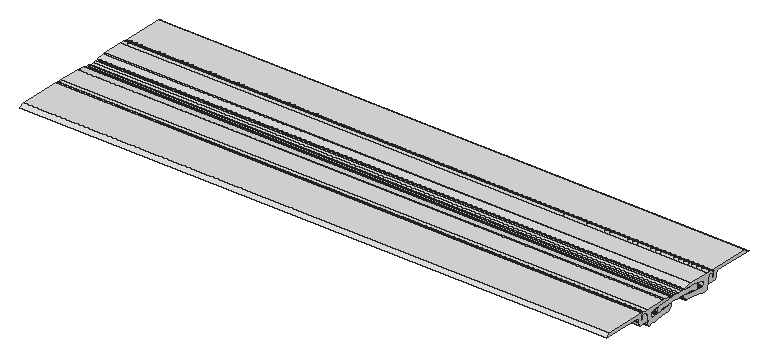
Revit family "Construction-Floors-Conecto-Aluminium Joints ALU AL.165.30", category Specialty Equipment, Revit 2015 (continued)
Definition of nested family "Standard"
  Automatic sketch dimensions
    Extrusion 11 sketch curve to Extrusion 11 sketch curve = 2.078 mm
    plane 5 to Extrusion 11 sketch curve = 16.425 mm
    Extrusion 11 sketch curve to Extrusion 11 sketch curve = 0.009 mm
    Extrusion 11 sketch curve to Extrusion 11 sketch curve = 0.041 mm
    Extrusion 11 sketch curve to Extrusion 11 sketch curve = 0.911 mm  (x2)
    Extrusion 11 sketch curve to Extrusion 11 sketch curve = 2.3 mm
    Extrusion 11 sketch curve to Extrusion 11 sketch curve = 2.339 mm
    Extrusion 11 sketch curve to Extrusion 11 sketch curve = 0.027 mm
    Extrusion 11 sketch curve to Extrusion 11 sketch curve = 0.499 mm
    Extrusion 11 sketch curve to Extrusion 11 sketch curve = 0.837 mm
    Extrusion 11 sketch curve to Extrusion 11 sketch curve = 0.786 mm  (x2)
    Extrusion 11 sketch curve to Extrusion 11 sketch curve = 0.774 mm  (x2)
    Extrusion 11 sketch curve to Extrusion 11 sketch curve = 0.425 mm
    Extrusion 11 sketch curve to Extrusion 11 sketch curve = 0.097 mm
    Extrusion 11 sketch curve to Extrusion 11 sketch curve = 0.246 mm
    Extrusion 11 sketch curve to Extrusion 11 sketch curve = 0.831 mm
    Extrusion 11 sketch curve to Extrusion 11 sketch curve = 0.349 mm
    Extrusion 11 sketch curve to Extrusion 11 sketch curve = 0.778 mm
    Extrusion 11 sketch curve to Extrusion 11 sketch curve = 0.491 mm  (x2)
    plane 5 to Extrusion 11 sketch curve = 11.198 mm
    Extrusion 11 sketch curve to Extrusion 11 sketch curve = 0.697 mm
    Extrusion 11 sketch curve to Extrusion 11 sketch curve = 3.355 mm
    Extrusion 11 sketch curve to Extrusion 11 sketch curve = 0.719 mm
    Extrusion 11 sketch curve to Extrusion 11 sketch curve = 0.595 mm
    Extrusion 11 sketch curve to Extrusion 11 sketch curve = 0.672 mm
    Extrusion 11 sketch curve to Extrusion 11 sketch curve = 0.908 mm
    Extrusion 11 sketch curve to Extrusion 11 sketch curve = 0.74 mm
    Extrusion 11 sketch curve to Extrusion 11 sketch curve = 0.885 mm  (x2)
    Extrusion 11 sketch curve to Extrusion 11 sketch curve = 0.607 mm
    Extrusion 11 sketch curve to Extrusion 11 sketch curve = 0.827 mm
    Extrusion 11 sketch curve to Extrusion 11 sketch curve = 2.153 mm
    Extrusion 11 sketch curve to Extrusion 11 sketch curve = 0.459 mm
    Extrusion 11 sketch curve to Extrusion 11 sketch curve = 0.775 mm
    Extrusion 11 sketch curve to Extrusion 11 sketch curve = 0.787 mm
    Extrusion 11 sketch curve to Extrusion 11 sketch curve = 4.161 mm
    Extrusion 11 sketch curve to Extrusion 11 sketch curve = 0.155 mm
    Extrusion 11 sketch curve to Extrusion 11 sketch curve = 2.645 mm
    Extrusion 11 sketch curve to Extrusion 11 sketch curve = 0.258 mm
    Extrusion 11 sketch curve to Extrusion 11 sketch curve = 0.789 mm
    Extrusion 11 sketch curve to Extrusion 11 sketch curve = 0.379 mm
    Extrusion 11 sketch curve to Extrusion 11 sketch curve = 0.889 mm
    Extrusion 11 sketch curve to Extrusion 11 sketch curve = 0.488 mm
    Extrusion 11 sketch curve to Extrusion 11 sketch curve = 1.704 mm
    Extrusion 11 sketch curve to Extrusion 11 sketch curve = 0.741 mm
    Extrusion 11 sketch curve to Extrusion 11 sketch curve = 0.656 mm  (x2)
    Extrusion 11 sketch curve to Extrusion 11 sketch curve = 0.298 mm
    Extrusion 11 sketch curve to Extrusion 11 sketch curve = 0.771 mm
    Extrusion 11 sketch curve to Extrusion 11 sketch curve = 0.877 mm
    Extrusion 11 sketch curve to Extrusion 11 sketch curve = 0.492 mm
    Extrusion 11 sketch curve to Extrusion 11 sketch curve = 0.714 mm
    Extrusion 11 sketch curve to Extrusion 11 sketch curve = 0.418 mm
    Extrusion 11 sketch curve to Extrusion 11 sketch curve = 0.776 mm
    Extrusion 11 sketch curve to Extrusion 11 sketch curve = 0.629 mm
    Extrusion 11 sketch curve to Extrusion 11 sketch curve = 0.721 mm
    Extrusion 11 sketch curve to Extrusion 11 sketch curve = 0.523 mm
    Extrusion 11 sketch curve to Extrusion 11 sketch curve = 0.922 mm
    Extrusion 11 sketch curve to Extrusion 11 sketch curve = 0.347 mm
    Extrusion 11 sketch curve to Extrusion 11 sketch curve = 0.484 mm
    Extrusion 11 sketch curve to Extrusion 11 sketch curve = 0.085 mm
    Extrusion 11 sketch curve to Extrusion 11 sketch curve = 0.931 mm
    Extrusion 11 sketch curve to Extrusion 11 sketch curve = 0.833 mm
    plane 5 to Extrusion 11 sketch curve = 2.025 mm  (x2)
    Extrusion 11 sketch curve to Extrusion 11 sketch curve = 0.81 mm
    plane 5 to Extrusion 11 sketch curve = 0.891 mm  (x2)
    plane 5 to Extrusion 11 sketch curve = 0.11 mm
    Extrusion 11 sketch curve to Extrusion 11 sketch curve = 0.601 mm
    Extrusion 11 sketch curve to Extrusion 11 sketch curve = 0.78 mm
    Extrusion 11 sketch curve to Extrusion 11 sketch curve = 0.804 mm
    Extrusion 11 sketch curve to Extrusion 11 sketch curve = 0.811 mm
    Extrusion 11 sketch curve to Extrusion 11 sketch curve = 2.532 mm
    Extrusion 11 sketch curve to Extrusion 11 sketch curve = 0.993 mm
    Extrusion 11 sketch curve to Extrusion 11 sketch curve = 0.391 mm
    Extrusion 11 sketch curve to Extrusion 11 sketch curve = 0.063 mm
    Extrusion 11 sketch curve to Extrusion 11 sketch curve = 0.673 mm
    Extrusion 11 sketch curve to Extrusion 11 sketch curve = 0.38 mm
    Extrusion 11 sketch curve to Extrusion 11 sketch curve = 0.252 mm
    Extrusion 11 sketch curve to Extrusion 11 sketch curve = 0.151 mm
    Extrusion 11 sketch curve to Extrusion 11 sketch curve = 3.295 mm  (x2)
    Extrusion 11 sketch curve to Extrusion 11 sketch curve = 2.553 mm
    Extrusion 11 sketch curve to Extrusion 11 sketch curve = 0.406 mm
    Extrusion 11 sketch curve to Extrusion 11 sketch curve = 3.77 mm
    Extrusion 11 sketch curve to Extrusion 11 sketch curve = 0.794 mm
    Extrusion 11 sketch curve to Extrusion 11 sketch curve = 63.318 mm
    Extrusion 11 sketch curve to Extrusion 11 sketch curve = 1.56 mm
    Extrusion 11 sketch curve to Extrusion 11 sketch curve = 0.918 mm
    Extrusion 11 sketch curve to Extrusion 11 sketch curve = 0.284 mm
    Extrusion 11 sketch curve to Extrusion 11 sketch curve = 0.587 mm
    Extrusion 11 sketch curve to Extrusion 11 sketch curve = 1.2 mm
    Extrusion 11 sketch curve to Extrusion 11 sketch curve = 1.911 mm
    Extrusion 11 sketch curve to Extrusion 11 sketch curve = 0.578 mm
    Extrusion 11 sketch curve to Extrusion 11 sketch curve = 4.832 mm
    Extrusion 11 sketch curve to Extrusion 11 sketch curve = 0.912 mm
    Extrusion 11 sketch curve to Extrusion 11 sketch curve = 0.917 mm
    Extrusion 11 sketch curve to Extrusion 11 sketch curve = 2.428 mm
    Extrusion 11 sketch curve to Extrusion 11 sketch curve = 0.795 mm
    Extrusion 11 sketch curve to Extrusion 11 sketch curve = 0.87 mm
    Extrusion 11 sketch curve to Extrusion 11 sketch curve = 2.001 mm
    Extrusion 11 sketch curve to Extrusion 11 sketch curve = 1.1 mm
    Extrusion 11 sketch curve to Extrusion 11 sketch curve = 1.105 mm
    Extrusion 11 sketch curve to Extrusion 11 sketch curve = 1.16 mm
    Extrusion 11 sketch curve to Extrusion 11 sketch curve = 0.798 mm
    Extrusion 11 sketch curve to Extrusion 11 sketch curve = 0.812 mm
    Extrusion 11 sketch curve to Extrusion 11 sketch curve = 1.3 mm
    Extrusion 11 sketch curve to Extrusion 11 sketch curve = 1.589 mm
    Extrusion 11 sketch curve to Extrusion 11 sketch curve = 0.729 mm
    Extrusion 11 sketch curve to Extrusion 11 sketch curve = 0.181 mm
    Extrusion 11 sketch curve to Extrusion 11 sketch curve = 0.71 mm
    Extrusion 11 sketch curve to Extrusion 11 sketch curve = 0.699 mm
    Extrusion 11 sketch curve to Extrusion 11 sketch curve = 0.638 mm
    Extrusion 11 sketch curve to Extrusion 11 sketch curve = 0.506 mm
    Extrusion 11 sketch curve to Extrusion 11 sketch curve = 0.373 mm
    Extrusion 11 sketch curve to Extrusion 11 sketch curve = 0.208 mm
    Extrusion 11 sketch curve to Extrusion 11 sketch curve = 0.144 mm
    Extrusion 11 sketch curve to Extrusion 11 sketch curve = 1.895 mm
    Extrusion 11 sketch curve to Extrusion 11 sketch curve = 0.735 mm
    Extrusion 11 sketch curve to Extrusion 11 sketch curve = 1.073 mm  (x2)
    Extrusion 11 sketch curve to Extrusion 11 sketch curve = 0.031 mm
    Extrusion 11 sketch curve to Extrusion 11 sketch curve = 0.237 mm
    Extrusion 11 sketch curve to Extrusion 11 sketch curve = 0.765 mm
    Extrusion 11 sketch curve to Extrusion 11 sketch curve = 2.288 mm
    plane 5 to Extrusion 12 sketch curve = 76.237 mm
    Extrusion 12 sketch curve to Extrusion 12 sketch curve = 0.134 mm
    Extrusion 12 sketch curve to Extrusion 12 sketch curve = 0.685 mm  (x2)
    Extrusion 12 sketch curve to Extrusion 12 sketch curve = 0.826 mm
    Extrusion 12 sketch curve to Extrusion 12 sketch curve = 1.425 mm
    Extrusion 12 sketch curve to Extrusion 12 sketch curve = 2.071 mm
    plane 5 to Extrusion 12 sketch curve = 16.425 mm
    Extrusion 12 sketch curve to Extrusion 12 sketch curve = 0.009 mm
    Extrusion 12 sketch curve to Extrusion 12 sketch curve = 0.041 mm
    Extrusion 12 sketch curve to Extrusion 12 sketch curve = 0.911 mm  (x2)
    Extrusion 12 sketch curve to Extrusion 12 sketch curve = 2.3 mm
    Extrusion 12 sketch curve to Extrusion 12 sketch curve = 2.339 mm
    Extrusion 12 sketch curve to Extrusion 12 sketch curve = 0.027 mm
    Extrusion 12 sketch curve to Extrusion 12 sketch curve = 0.499 mm
    Extrusion 12 sketch curve to Extrusion 12 sketch curve = 0.837 mm
    Extrusion 12 sketch curve to Extrusion 12 sketch curve = 0.786 mm  (x2)
    Extrusion 12 sketch curve to Extrusion 12 sketch curve = 0.774 mm  (x2)
    Extrusion 12 sketch curve to Extrusion 12 sketch curve = 0.425 mm
    Extrusion 12 sketch curve to Extrusion 12 sketch curve = 0.097 mm
    Extrusion 12 sketch curve to Extrusion 12 sketch curve = 0.246 mm
    Extrusion 12 sketch curve to Extrusion 12 sketch curve = 0.831 mm
    Extrusion 12 sketch curve to Extrusion 12 sketch curve = 0.349 mm
    Extrusion 12 sketch curve to Extrusion 12 sketch curve = 0.778 mm
    Extrusion 12 sketch curve to Extrusion 12 sketch curve = 0.491 mm  (x2)
    Extrusion 12 sketch curve to Extrusion 12 sketch curve = 0.697 mm
    Extrusion 12 sketch curve to Extrusion 12 sketch curve = 3.355 mm
    Extrusion 12 sketch curve to Extrusion 12 sketch curve = 0.719 mm
    Extrusion 12 sketch curve to Extrusion 12 sketch curve = 0.595 mm
    Extrusion 12 sketch curve to Extrusion 12 sketch curve = 0.672 mm
    Extrusion 12 sketch curve to Extrusion 12 sketch curve = 0.908 mm
    Extrusion 12 sketch curve to Extrusion 12 sketch curve = 0.74 mm
    Extrusion 12 sketch curve to Extrusion 12 sketch curve = 0.885 mm  (x2)
    Extrusion 12 sketch curve to Extrusion 12 sketch curve = 0.607 mm
    Extrusion 12 sketch curve to Extrusion 12 sketch curve = 0.827 mm
    Extrusion 12 sketch curve to Extrusion 12 sketch curve = 0.459 mm
    plane 5 to Extrusion 12 sketch curve = 8.705 mm
    Extrusion 12 sketch curve to Extrusion 12 sketch curve = 0.775 mm
    Extrusion 12 sketch curve to Extrusion 12 sketch curve = 0.787 mm
    Extrusion 12 sketch curve to Extrusion 12 sketch curve = 4.161 mm
    Extrusion 12 sketch curve to Extrusion 12 sketch curve = 0.155 mm
    Extrusion 12 sketch curve to Extrusion 12 sketch curve = 2.645 mm
    Extrusion 12 sketch curve to Extrusion 12 sketch curve = 0.258 mm
    Extrusion 12 sketch curve to Extrusion 12 sketch curve = 0.789 mm
    Extrusion 12 sketch curve to Extrusion 12 sketch curve = 0.379 mm
    Extrusion 12 sketch curve to Extrusion 12 sketch curve = 0.889 mm
    Extrusion 12 sketch curve to Extrusion 12 sketch curve = 0.488 mm
    Extrusion 12 sketch curve to Extrusion 12 sketch curve = 0.741 mm
    Extrusion 12 sketch curve to Extrusion 12 sketch curve = 0.656 mm  (x2)
    Extrusion 12 sketch curve to Extrusion 12 sketch curve = 0.298 mm
    Extrusion 12 sketch curve to Extrusion 12 sketch curve = 2.115 mm
    Extrusion 12 sketch curve to Extrusion 12 sketch curve = 0.877 mm
    Extrusion 12 sketch curve to Extrusion 12 sketch curve = 0.492 mm
    Extrusion 12 sketch curve to Extrusion 12 sketch curve = 0.714 mm
    Extrusion 12 sketch curve to Extrusion 12 sketch curve = 0.273 mm
    Extrusion 12 sketch curve to Extrusion 12 sketch curve = 0.776 mm
    Extrusion 12 sketch curve to Extrusion 12 sketch curve = 0.629 mm
    Extrusion 12 sketch curve to Extrusion 12 sketch curve = 0.721 mm
    Extrusion 12 sketch curve to Extrusion 12 sketch curve = 0.523 mm
    Extrusion 12 sketch curve to Extrusion 12 sketch curve = 0.922 mm
    Extrusion 12 sketch curve to Extrusion 12 sketch curve = 0.347 mm
    Extrusion 12 sketch curve to Extrusion 12 sketch curve = 0.484 mm
    Extrusion 12 sketch curve to Extrusion 12 sketch curve = 0.085 mm
    Extrusion 12 sketch curve to Extrusion 12 sketch curve = 0.931 mm
    Extrusion 12 sketch curve to Extrusion 12 sketch curve = 0.833 mm
    plane 5 to Extrusion 12 sketch curve = 2.025 mm  (x2)
    Extrusion 12 sketch curve to Extrusion 12 sketch curve = 0.81 mm
    plane 5 to Extrusion 12 sketch curve = 0.891 mm  (x2)
    plane 5 to Extrusion 12 sketch curve = 0.11 mm
    Extrusion 12 sketch curve to Extrusion 12 sketch curve = 0.218 mm
    Extrusion 12 sketch curve to Extrusion 12 sketch curve = 0.428 mm
    Extrusion 12 sketch curve to Extrusion 12 sketch curve = 0.38 mm
    Extrusion 12 sketch curve to Extrusion 12 sketch curve = 0.252 mm
    Extrusion 12 sketch curve to Extrusion 12 sketch curve = 0.151 mm
    Extrusion 12 sketch curve to Extrusion 12 sketch curve = 1.986 mm
    Extrusion 12 sketch curve to Extrusion 12 sketch curve = 2.553 mm
    Extrusion 12 sketch curve to Extrusion 12 sketch curve = 0.406 mm
    Extrusion 12 sketch curve to Extrusion 12 sketch curve = 3.77 mm
    Extrusion 12 sketch curve to Extrusion 12 sketch curve = 0.794 mm
    Extrusion 12 sketch curve to Extrusion 12 sketch curve = 53.088 mm
    Extrusion 12 sketch curve to Extrusion 12 sketch curve = 1.637 mm
    Extrusion 12 sketch curve to Extrusion 12 sketch curve = 1.221 mm
    Extrusion 12 sketch curve to Extrusion 12 sketch curve = 1.196 mm
    Extrusion 12 sketch curve to Extrusion 12 sketch curve = 1.911 mm
    Extrusion 12 sketch curve to Extrusion 12 sketch curve = 0.578 mm
    Extrusion 12 sketch curve to Extrusion 12 sketch curve = 0.175 mm
    Extrusion 12 sketch curve to Extrusion 12 sketch curve = 0.673 mm
    Extrusion 12 sketch curve to Extrusion 12 sketch curve = 3.295 mm  (x2)
    Extrusion 12 sketch curve to Extrusion 12 sketch curve = 0.993 mm
    Extrusion 12 sketch curve to Extrusion 12 sketch curve = 0.811 mm
    Extrusion 12 sketch curve to Extrusion 12 sketch curve = 0.804 mm
    Extrusion 12 sketch curve to Extrusion 12 sketch curve = 2.532 mm
    Extrusion 12 sketch curve to Extrusion 12 sketch curve = 0.601 mm
    Extrusion 12 sketch curve to Extrusion 12 sketch curve = 0.912 mm
    Extrusion 12 sketch curve to Extrusion 12 sketch curve = 0.917 mm
    Extrusion 12 sketch curve to Extrusion 12 sketch curve = 2.428 mm
    Extrusion 12 sketch curve to Extrusion 12 sketch curve = 0.795 mm
    Extrusion 12 sketch curve to Extrusion 12 sketch curve = 0.87 mm
    Extrusion 12 sketch curve to Extrusion 12 sketch curve = 2.001 mm
    Extrusion 12 sketch curve to Extrusion 12 sketch curve = 1.1 mm
    Extrusion 12 sketch curve to Extrusion 12 sketch curve = 1.105 mm
    Extrusion 12 sketch curve to Extrusion 12 sketch curve = 1.16 mm
    Extrusion 12 sketch curve to Extrusion 12 sketch curve = 0.798 mm
    Extrusion 12 sketch curve to Extrusion 12 sketch curve = 0.812 mm
    Extrusion 12 sketch curve to Extrusion 12 sketch curve = 1.3 mm
    Extrusion 12 sketch curve to Extrusion 12 sketch curve = 1.589 mm
    Extrusion 12 sketch curve to Extrusion 12 sketch curve = 0.729 mm
    Extrusion 12 sketch curve to Extrusion 12 sketch curve = 0.181 mm
    Extrusion 12 sketch curve to Extrusion 12 sketch curve = 0.71 mm
    Extrusion 12 sketch curve to Extrusion 12 sketch curve = 0.699 mm
    Extrusion 12 sketch curve to Extrusion 12 sketch curve = 0.638 mm
    Extrusion 12 sketch curve to Extrusion 12 sketch curve = 0.506 mm
    Extrusion 12 sketch curve to Extrusion 12 sketch curve = 0.373 mm
    Extrusion 12 sketch curve to Extrusion 12 sketch curve = 0.208 mm
    Extrusion 12 sketch curve to Extrusion 12 sketch curve = 0.144 mm
    Extrusion 12 sketch curve to Extrusion 12 sketch curve = 1.895 mm
    Extrusion 12 sketch curve to Extrusion 12 sketch curve = 0.735 mm
    Extrusion 12 sketch curve to Extrusion 12 sketch curve = 1.073 mm  (x2)
    Extrusion 12 sketch curve to Extrusion 12 sketch curve = 0.031 mm
    Extrusion 12 sketch curve to Extrusion 12 sketch curve = 0.237 mm
    Extrusion 12 sketch curve to Extrusion 12 sketch curve = 0.765 mm
    Extrusion 12 sketch curve to Extrusion 12 sketch curve = 1.007 mm
    plane 5 to Extrusion 13 sketch curve = 76.337 mm
    Extrusion 13 sketch curve to Extrusion 13 sketch curve = 0.134 mm
    Extrusion 13 sketch curve to Extrusion 13 sketch curve = 0.685 mm  (x2)
    Extrusion 13 sketch curve to Extrusion 13 sketch curve = 0.826 mm
    Extrusion 13 sketch curve to Extrusion 13 sketch curve = 1.425 mm
    Extrusion 13 sketch curve to Extrusion 13 sketch curve = 2.203 mm
    plane 5 to Extrusion 13 sketch curve = 16.425 mm
    Extrusion 13 sketch curve to Extrusion 13 sketch curve = 0.009 mm
    Extrusion 13 sketch curve to Extrusion 13 sketch curve = 0.032 mm
    Extrusion 13 sketch curve to Extrusion 13 sketch curve = 0.911 mm  (x2)
    Extrusion 13 sketch curve to Extrusion 13 sketch curve = 2.3 mm
    Extrusion 13 sketch curve to Extrusion 13 sketch curve = 2.339 mm
    Extrusion 13 sketch curve to Extrusion 13 sketch curve = 0.027 mm
    Extrusion 13 sketch curve to Extrusion 13 sketch curve = 0.499 mm
    Extrusion 13 sketch curve to Extrusion 13 sketch curve = 0.837 mm
    Extrusion 13 sketch curve to Extrusion 13 sketch curve = 0.786 mm  (x2)
    Extrusion 13 sketch curve to Extrusion 13 sketch curve = 0.774 mm  (x2)
    Extrusion 13 sketch curve to Extrusion 13 sketch curve = 0.425 mm
    Extrusion 13 sketch curve to Extrusion 13 sketch curve = 0.097 mm
    Extrusion 13 sketch curve to Extrusion 13 sketch curve = 0.246 mm
    Extrusion 13 sketch curve to Extrusion 13 sketch curve = 0.831 mm
    Extrusion 13 sketch curve to Extrusion 13 sketch curve = 0.349 mm
    Extrusion 13 sketch curve to Extrusion 13 sketch curve = 0.778 mm
    Extrusion 13 sketch curve to Extrusion 13 sketch curve = 0.491 mm  (x2)
    plane 5 to Extrusion 13 sketch curve = 11.216 mm
    Extrusion 13 sketch curve to Extrusion 13 sketch curve = 0.697 mm
    Extrusion 13 sketch curve to Extrusion 13 sketch curve = 3.355 mm
    Extrusion 13 sketch curve to Extrusion 13 sketch curve = 0.719 mm
    Extrusion 13 sketch curve to Extrusion 13 sketch curve = 0.595 mm
    Extrusion 13 sketch curve to Extrusion 13 sketch curve = 0.672 mm
    Extrusion 13 sketch curve to Extrusion 13 sketch curve = 0.908 mm
    Extrusion 13 sketch curve to Extrusion 13 sketch curve = 0.74 mm
    Extrusion 13 sketch curve to Extrusion 13 sketch curve = 0.885 mm  (x2)
    Extrusion 13 sketch curve to Extrusion 13 sketch curve = 0.607 mm
    Extrusion 13 sketch curve to Extrusion 13 sketch curve = 0.827 mm
    Extrusion 13 sketch curve to Extrusion 13 sketch curve = 0.459 mm
    Extrusion 13 sketch curve to Extrusion 13 sketch curve = 0.775 mm
    Extrusion 13 sketch curve to Extrusion 13 sketch curve = 2.808 mm
    Extrusion 13 sketch curve to Extrusion 13 sketch curve = 0.787 mm
    Extrusion 13 sketch curve to Extrusion 13 sketch curve = 4.161 mm
    Extrusion 13 sketch curve to Extrusion 13 sketch curve = 0.155 mm
    Extrusion 13 sketch curve to Extrusion 13 sketch curve = 2.645 mm
    Extrusion 13 sketch curve to Extrusion 13 sketch curve = 0.258 mm
    Extrusion 13 sketch curve to Extrusion 13 sketch curve = 0.789 mm
    Extrusion 13 sketch curve to Extrusion 13 sketch curve = 0.379 mm
    Extrusion 13 sketch curve to Extrusion 13 sketch curve = 0.889 mm
    Extrusion 13 sketch curve to Extrusion 13 sketch curve = 0.488 mm
    Extrusion 13 sketch curve to Extrusion 13 sketch curve = 0.741 mm
    Extrusion 13 sketch curve to Extrusion 13 sketch curve = 1.325 mm
    Extrusion 13 sketch curve to Extrusion 13 sketch curve = 0.656 mm  (x2)
    Extrusion 13 sketch curve to Extrusion 13 sketch curve = 0.298 mm
    Extrusion 13 sketch curve to Extrusion 13 sketch curve = 0.877 mm
    Extrusion 13 sketch curve to Extrusion 13 sketch curve = 0.492 mm
    Extrusion 13 sketch curve to Extrusion 13 sketch curve = 0.714 mm
    Extrusion 13 sketch curve to Extrusion 13 sketch curve = 0.273 mm
    Extrusion 13 sketch curve to Extrusion 13 sketch curve = 0.776 mm
    Extrusion 13 sketch curve to Extrusion 13 sketch curve = 0.629 mm
    Extrusion 13 sketch curve to Extrusion 13 sketch curve = 0.721 mm
    Extrusion 13 sketch curve to Extrusion 13 sketch curve = 0.523 mm
    Extrusion 13 sketch curve to Extrusion 13 sketch curve = 0.922 mm
    Extrusion 13 sketch curve to Extrusion 13 sketch curve = 0.347 mm
    Extrusion 13 sketch curve to Extrusion 13 sketch curve = 0.484 mm
    Extrusion 13 sketch curve to Extrusion 13 sketch curve = 0.085 mm
    Extrusion 13 sketch curve to Extrusion 13 sketch curve = 0.931 mm
    Extrusion 13 sketch curve to Extrusion 13 sketch curve = 0.833 mm
    plane 5 to Extrusion 13 sketch curve = 2.025 mm  (x2)
    Extrusion 13 sketch curve to Extrusion 13 sketch curve = 0.81 mm
    plane 5 to Extrusion 13 sketch curve = 0.891 mm  (x2)
    plane 5 to Extrusion 13 sketch curve = 0.11 mm
    Extrusion 13 sketch curve to Extrusion 13 sketch curve = 0.218 mm
    Extrusion 13 sketch curve to Extrusion 13 sketch curve = 0.428 mm
    Extrusion 13 sketch curve to Extrusion 13 sketch curve = 0.38 mm
    Extrusion 13 sketch curve to Extrusion 13 sketch curve = 0.252 mm
    Extrusion 13 sketch curve to Extrusion 13 sketch curve = 0.151 mm
    Extrusion 13 sketch curve to Extrusion 13 sketch curve = 1.986 mm
    Extrusion 13 sketch curve to Extrusion 13 sketch curve = 2.553 mm
    Extrusion 13 sketch curve to Extrusion 13 sketch curve = 0.406 mm
    Extrusion 13 sketch curve to Extrusion 13 sketch curve = 3.77 mm
    Extrusion 13 sketch curve to Extrusion 13 sketch curve = 0.794 mm
    Extrusion 13 sketch curve to Extrusion 13 sketch curve = 44.368 mm
    Extrusion 13 sketch curve to Extrusion 13 sketch curve = 1.15 mm
    Extrusion 13 sketch curve to Extrusion 13 sketch curve = 0.704 mm
    Extrusion 13 sketch curve to Extrusion 13 sketch curve = 1.272 mm
    Extrusion 13 sketch curve to Extrusion 13 sketch curve = 1.911 mm
    Extrusion 13 sketch curve to Extrusion 13 sketch curve = 0.578 mm
    Extrusion 13 sketch curve to Extrusion 13 sketch curve = 5.129 mm
    Extrusion 13 sketch curve to Extrusion 13 sketch curve = 0.673 mm
    Extrusion 13 sketch curve to Extrusion 13 sketch curve = 3.295 mm  (x2)
    Extrusion 13 sketch curve to Extrusion 13 sketch curve = 0.993 mm
    Extrusion 13 sketch curve to Extrusion 13 sketch curve = 0.811 mm
    Extrusion 13 sketch curve to Extrusion 13 sketch curve = 0.804 mm
    Extrusion 13 sketch curve to Extrusion 13 sketch curve = 2.532 mm
    Extrusion 13 sketch curve to Extrusion 13 sketch curve = 0.601 mm
    Extrusion 13 sketch curve to Extrusion 13 sketch curve = 0.302 mm
    Extrusion 13 sketch curve to Extrusion 13 sketch curve = 0.912 mm
    Extrusion 13 sketch curve to Extrusion 13 sketch curve = 0.917 mm
    Extrusion 13 sketch curve to Extrusion 13 sketch curve = 2.428 mm
    Extrusion 13 sketch curve to Extrusion 13 sketch curve = 0.795 mm
    Extrusion 13 sketch curve to Extrusion 13 sketch curve = 0.87 mm
    Extrusion 13 sketch curve to Extrusion 13 sketch curve = 2.001 mm
    Extrusion 13 sketch curve to Extrusion 13 sketch curve = 1.1 mm
    Extrusion 13 sketch curve to Extrusion 13 sketch curve = 1.105 mm
    Extrusion 13 sketch curve to Extrusion 13 sketch curve = 1.16 mm
    Extrusion 13 sketch curve to Extrusion 13 sketch curve = 0.798 mm
    Extrusion 13 sketch curve to Extrusion 13 sketch curve = 0.812 mm
    Extrusion 13 sketch curve to Extrusion 13 sketch curve = 1.3 mm
    Extrusion 13 sketch curve to Extrusion 13 sketch curve = 1.589 mm
    Extrusion 13 sketch curve to Extrusion 13 sketch curve = 0.729 mm
    Extrusion 13 sketch curve to Extrusion 13 sketch curve = 0.181 mm
    Extrusion 13 sketch curve to Extrusion 13 sketch curve = 0.71 mm
    Extrusion 13 sketch curve to Extrusion 13 sketch curve = 0.699 mm
    Extrusion 13 sketch curve to Extrusion 13 sketch curve = 0.638 mm
    Extrusion 13 sketch curve to Extrusion 13 sketch curve = 0.506 mm
    Extrusion 13 sketch curve to Extrusion 13 sketch curve = 0.373 mm
    Extrusion 13 sketch curve to Extrusion 13 sketch curve = 0.208 mm
    Extrusion 13 sketch curve to Extrusion 13 sketch curve = 0.144 mm
    Extrusion 13 sketch curve to Extrusion 13 sketch curve = 1.895 mm
    Extrusion 13 sketch curve to Extrusion 13 sketch curve = 0.735 mm
    Extrusion 13 sketch curve to Extrusion 13 sketch curve = 1.073 mm  (x2)
    Extrusion 13 sketch curve to Extrusion 13 sketch curve = 0.031 mm
    Extrusion 13 sketch curve to Extrusion 13 sketch curve = 0.237 mm
    Extrusion 13 sketch curve to Extrusion 13 sketch curve = 0.765 mm
    Extrusion 13 sketch curve to Extrusion 13 sketch curve = 2.288 mm
    plane 5 to Extrusion 14 sketch curve = 76.26 mm
    Extrusion 14 sketch curve to Extrusion 14 sketch curve = 0.134 mm
    Extrusion 14 sketch curve to Extrusion 14 sketch curve = 0.685 mm  (x2)
    Extrusion 14 sketch curve to Extrusion 14 sketch curve = 0.826 mm
    Extrusion 14 sketch curve to Extrusion 14 sketch curve = 1.425 mm
    Extrusion 14 sketch curve to Extrusion 14 sketch curve = 2.063 mm
    plane 5 to Extrusion 14 sketch curve = 16.424 mm
    Extrusion 14 sketch curve to Extrusion 14 sketch curve = 0.009 mm
    Extrusion 14 sketch curve to Extrusion 14 sketch curve = 0.032 mm
    Extrusion 14 sketch curve to Extrusion 14 sketch curve = 0.911 mm  (x2)
    Extrusion 14 sketch curve to Extrusion 14 sketch curve = 2.3 mm
    Extrusion 14 sketch curve to Extrusion 14 sketch curve = 2.339 mm
    Extrusion 14 sketch curve to Extrusion 14 sketch curve = 0.027 mm
    Extrusion 14 sketch curve to Extrusion 14 sketch curve = 0.499 mm
    Extrusion 14 sketch curve to Extrusion 14 sketch curve = 0.837 mm
    Extrusion 14 sketch curve to Extrusion 14 sketch curve = 0.786 mm  (x2)
    Extrusion 14 sketch curve to Extrusion 14 sketch curve = 0.774 mm  (x2)
    Extrusion 14 sketch curve to Extrusion 14 sketch curve = 0.425 mm
    Extrusion 14 sketch curve to Extrusion 14 sketch curve = 0.097 mm
    Extrusion 14 sketch curve to Extrusion 14 sketch curve = 0.246 mm
    Extrusion 14 sketch curve to Extrusion 14 sketch curve = 0.831 mm
    Extrusion 14 sketch curve to Extrusion 14 sketch curve = 0.349 mm
    Extrusion 14 sketch curve to Extrusion 14 sketch curve = 0.778 mm
    Extrusion 14 sketch curve to Extrusion 14 sketch curve = 0.491 mm  (x2)
    plane 5 to Extrusion 14 sketch curve = 11.111 mm
    Extrusion 14 sketch curve to Extrusion 14 sketch curve = 0.697 mm
    Extrusion 14 sketch curve to Extrusion 14 sketch curve = 3.355 mm
    Extrusion 14 sketch curve to Extrusion 14 sketch curve = 0.719 mm
    Extrusion 14 sketch curve to Extrusion 14 sketch curve = 0.595 mm
    Extrusion 14 sketch curve to Extrusion 14 sketch curve = 0.672 mm
    Extrusion 14 sketch curve to Extrusion 14 sketch curve = 0.908 mm
    Extrusion 14 sketch curve to Extrusion 14 sketch curve = 0.74 mm
    Extrusion 14 sketch curve to Extrusion 14 sketch curve = 0.885 mm  (x2)
    Extrusion 14 sketch curve to Extrusion 14 sketch curve = 1.689 mm
    Extrusion 14 sketch curve to Extrusion 14 sketch curve = 0.607 mm
    Extrusion 14 sketch curve to Extrusion 14 sketch curve = 0.827 mm
    Extrusion 14 sketch curve to Extrusion 14 sketch curve = 0.459 mm
    Extrusion 14 sketch curve to Extrusion 14 sketch curve = 0.789 mm  (x2)
    Extrusion 14 sketch curve to Extrusion 14 sketch curve = 0.775 mm
    Extrusion 14 sketch curve to Extrusion 14 sketch curve = 0.787 mm
    Extrusion 14 sketch curve to Extrusion 14 sketch curve = 4.012 mm
    Extrusion 14 sketch curve to Extrusion 14 sketch curve = 0.155 mm
    Extrusion 14 sketch curve to Extrusion 14 sketch curve = 2.645 mm
    Extrusion 14 sketch curve to Extrusion 14 sketch curve = 0.258 mm
    Extrusion 14 sketch curve to Extrusion 14 sketch curve = 0.379 mm
    Extrusion 14 sketch curve to Extrusion 14 sketch curve = 0.889 mm
    Extrusion 14 sketch curve to Extrusion 14 sketch curve = 0.488 mm
    Extrusion 14 sketch curve to Extrusion 14 sketch curve = 1.351 mm
    Extrusion 14 sketch curve to Extrusion 14 sketch curve = 0.741 mm
    Extrusion 14 sketch curve to Extrusion 14 sketch curve = 0.656 mm  (x2)
    Extrusion 14 sketch curve to Extrusion 14 sketch curve = 0.298 mm
    Extrusion 14 sketch curve to Extrusion 14 sketch curve = 0.735 mm  (x2)
    Extrusion 14 sketch curve to Extrusion 14 sketch curve = 0.877 mm
    Extrusion 14 sketch curve to Extrusion 14 sketch curve = 0.492 mm  (x2)
    Extrusion 14 sketch curve to Extrusion 14 sketch curve = 0.714 mm
    Extrusion 14 sketch curve to Extrusion 14 sketch curve = 0.273 mm
    Extrusion 14 sketch curve to Extrusion 14 sketch curve = 0.776 mm
    Extrusion 14 sketch curve to Extrusion 14 sketch curve = 0.629 mm
    Extrusion 14 sketch curve to Extrusion 14 sketch curve = 0.721 mm
    Extrusion 14 sketch curve to Extrusion 14 sketch curve = 0.523 mm
    Extrusion 14 sketch curve to Extrusion 14 sketch curve = 0.922 mm
    Extrusion 14 sketch curve to Extrusion 14 sketch curve = 0.347 mm
    Extrusion 14 sketch curve to Extrusion 14 sketch curve = 0.484 mm
    Extrusion 14 sketch curve to Extrusion 14 sketch curve = 0.085 mm
    Extrusion 14 sketch curve to Extrusion 14 sketch curve = 0.931 mm
    Extrusion 14 sketch curve to Extrusion 14 sketch curve = 0.833 mm
    plane 5 to Extrusion 14 sketch curve = 2.024 mm  (x2)
    Extrusion 14 sketch curve to Extrusion 14 sketch curve = 0.81 mm
    plane 5 to Extrusion 14 sketch curve = 0.889 mm  (x2)
    plane 5 to Extrusion 14 sketch curve = 0.108 mm
    Extrusion 14 sketch curve to Extrusion 14 sketch curve = 0.218 mm
    Extrusion 14 sketch curve to Extrusion 14 sketch curve = 0.428 mm
    Extrusion 14 sketch curve to Extrusion 14 sketch curve = 0.38 mm
    Extrusion 14 sketch curve to Extrusion 14 sketch curve = 0.252 mm
    Extrusion 14 sketch curve to Extrusion 14 sketch curve = 0.151 mm
    Extrusion 14 sketch curve to Extrusion 14 sketch curve = 1.986 mm
    Extrusion 14 sketch curve to Extrusion 14 sketch curve = 2.553 mm
    Extrusion 14 sketch curve to Extrusion 14 sketch curve = 0.406 mm
    Extrusion 14 sketch curve to Extrusion 14 sketch curve = 3.77 mm
    Extrusion 14 sketch curve to Extrusion 14 sketch curve = 0.794 mm
    Extrusion 14 sketch curve to Extrusion 14 sketch curve = 28.885 mm
    Extrusion 14 sketch curve to Extrusion 14 sketch curve = 1.089 mm
    Extrusion 14 sketch curve to Extrusion 14 sketch curve = 0.876 mm
    Extrusion 14 sketch curve to Extrusion 14 sketch curve = 0.069 mm
    Extrusion 14 sketch curve to Extrusion 14 sketch curve = 1.191 mm
    Extrusion 14 sketch curve to Extrusion 14 sketch curve = 1.911 mm
    Extrusion 14 sketch curve to Extrusion 14 sketch curve = 0.578 mm
    Extrusion 14 sketch curve to Extrusion 14 sketch curve = 0.175 mm
    Extrusion 14 sketch curve to Extrusion 14 sketch curve = 0.673 mm
    Extrusion 14 sketch curve to Extrusion 14 sketch curve = 3.295 mm  (x2)
    Extrusion 14 sketch curve to Extrusion 14 sketch curve = 0.993 mm
    Extrusion 14 sketch curve to Extrusion 14 sketch curve = 0.811 mm
    Extrusion 14 sketch curve to Extrusion 14 sketch curve = 0.804 mm
    Extrusion 14 sketch curve to Extrusion 14 sketch curve = 2.532 mm
    Extrusion 14 sketch curve to Extrusion 14 sketch curve = 0.601 mm
    Extrusion 14 sketch curve to Extrusion 14 sketch curve = 0.302 mm
    Extrusion 14 sketch curve to Extrusion 14 sketch curve = 0.912 mm
    Extrusion 14 sketch curve to Extrusion 14 sketch curve = 0.917 mm
    Extrusion 14 sketch curve to Extrusion 14 sketch curve = 2.428 mm
    Extrusion 14 sketch curve to Extrusion 14 sketch curve = 0.795 mm
    Extrusion 14 sketch curve to Extrusion 14 sketch curve = 0.87 mm
    Extrusion 14 sketch curve to Extrusion 14 sketch curve = 2.001 mm
    Extrusion 14 sketch curve to Extrusion 14 sketch curve = 1.1 mm
    Extrusion 14 sketch curve to Extrusion 14 sketch curve = 1.105 mm
    Extrusion 14 sketch curve to Extrusion 14 sketch curve = 1.16 mm
    Extrusion 14 sketch curve to Extrusion 14 sketch curve = 0.798 mm
    Extrusion 14 sketch curve to Extrusion 14 sketch curve = 0.812 mm
    Extrusion 14 sketch curve to Extrusion 14 sketch curve = 1.3 mm
    Extrusion 14 sketch curve to Extrusion 14 sketch curve = 1.589 mm
    Extrusion 14 sketch curve to Extrusion 14 sketch curve = 0.729 mm
    Extrusion 14 sketch curve to Extrusion 14 sketch curve = 0.181 mm
    Extrusion 14 sketch curve to Extrusion 14 sketch curve = 0.71 mm
    Extrusion 14 sketch curve to Extrusion 14 sketch curve = 0.699 mm
    Extrusion 14 sketch curve to Extrusion 14 sketch curve = 0.638 mm
    Extrusion 14 sketch curve to Extrusion 14 sketch curve = 0.506 mm
    Extrusion 14 sketch curve to Extrusion 14 sketch curve = 0.373 mm
    Extrusion 14 sketch curve to Extrusion 14 sketch curve = 0.208 mm
    Extrusion 14 sketch curve to Extrusion 14 sketch curve = 0.144 mm
    Extrusion 14 sketch curve to Extrusion 14 sketch curve = 1.895 mm
    Extrusion 14 sketch curve to Extrusion 14 sketch curve = 1.073 mm  (x2)
    Extrusion 14 sketch curve to Extrusion 14 sketch curve = 0.031 mm
    Extrusion 14 sketch curve to Extrusion 14 sketch curve = 0.237 mm
    Extrusion 14 sketch curve to Extrusion 14 sketch curve = 0.765 mm
    Extrusion 14 sketch curve to Extrusion 14 sketch curve = 2.288 mm
    plane 5 to Extrusion 15 sketch curve = 76.262 mm
    Extrusion 15 sketch curve to Extrusion 15 sketch curve = 0.134 mm
    Extrusion 15 sketch curve to Extrusion 15 sketch curve = 0.685 mm  (x2)
    Extrusion 15 sketch curve to Extrusion 15 sketch curve = 0.826 mm
    Extrusion 15 sketch curve to Extrusion 15 sketch curve = 1.425 mm
    Extrusion 15 sketch curve to Extrusion 15 sketch curve = 2.053 mm
    plane 5 to Extrusion 15 sketch curve = 16.425 mm
    Extrusion 15 sketch curve to Extrusion 15 sketch curve = 0.009 mm
    Extrusion 15 sketch curve to Extrusion 15 sketch curve = 0.032 mm
    Extrusion 15 sketch curve to Extrusion 15 sketch curve = 0.911 mm  (x2)
    Extrusion 15 sketch curve to Extrusion 15 sketch curve = 2.3 mm
    Extrusion 15 sketch curve to Extrusion 15 sketch curve = 2.339 mm
    Extrusion 15 sketch curve to Extrusion 15 sketch curve = 0.027 mm
    Extrusion 15 sketch curve to Extrusion 15 sketch curve = 0.499 mm
    Extrusion 15 sketch curve to Extrusion 15 sketch curve = 0.837 mm
    Extrusion 15 sketch curve to Extrusion 15 sketch curve = 0.786 mm  (x2)
    Extrusion 15 sketch curve to Extrusion 15 sketch curve = 0.774 mm  (x2)
    Extrusion 15 sketch curve to Extrusion 15 sketch curve = 0.425 mm
    Extrusion 15 sketch curve to Extrusion 15 sketch curve = 0.097 mm
    Extrusion 15 sketch curve to Extrusion 15 sketch curve = 0.246 mm
    Extrusion 15 sketch curve to Extrusion 15 sketch curve = 0.831 mm
    Extrusion 15 sketch curve to Extrusion 15 sketch curve = 0.349 mm
    Extrusion 15 sketch curve to Extrusion 15 sketch curve = 0.778 mm
    Extrusion 15 sketch curve to Extrusion 15 sketch curve = 0.491 mm  (x2)
    plane 5 to Extrusion 15 sketch curve = 11.219 mm
    Extrusion 15 sketch curve to Extrusion 15 sketch curve = 0.697 mm
    Extrusion 15 sketch curve to Extrusion 15 sketch curve = 3.355 mm
    Extrusion 15 sketch curve to Extrusion 15 sketch curve = 0.719 mm
    Extrusion 15 sketch curve to Extrusion 15 sketch curve = 0.595 mm
    Extrusion 15 sketch curve to Extrusion 15 sketch curve = 0.952 mm
    Extrusion 15 sketch curve to Extrusion 15 sketch curve = 0.672 mm
    Extrusion 15 sketch curve to Extrusion 15 sketch curve = 0.908 mm
    Extrusion 15 sketch curve to Extrusion 15 sketch curve = 0.74 mm
    Extrusion 15 sketch curve to Extrusion 15 sketch curve = 0.885 mm  (x2)
    Extrusion 15 sketch curve to Extrusion 15 sketch curve = 0.607 mm
    Extrusion 15 sketch curve to Extrusion 15 sketch curve = 0.827 mm
    Extrusion 15 sketch curve to Extrusion 15 sketch curve = 0.459 mm
    Extrusion 15 sketch curve to Extrusion 15 sketch curve = 0.775 mm
    Extrusion 15 sketch curve to Extrusion 15 sketch curve = 0.787 mm
    Extrusion 15 sketch curve to Extrusion 15 sketch curve = 4.161 mm
    Extrusion 15 sketch curve to Extrusion 15 sketch curve = 2.296 mm
    Extrusion 15 sketch curve to Extrusion 15 sketch curve = 0.155 mm
    Extrusion 15 sketch curve to Extrusion 15 sketch curve = 2.645 mm
    Extrusion 15 sketch curve to Extrusion 15 sketch curve = 0.258 mm
    Extrusion 15 sketch curve to Extrusion 15 sketch curve = 0.789 mm
    Extrusion 15 sketch curve to Extrusion 15 sketch curve = 0.379 mm
    Extrusion 15 sketch curve to Extrusion 15 sketch curve = 0.889 mm
    Extrusion 15 sketch curve to Extrusion 15 sketch curve = 0.488 mm
    Extrusion 15 sketch curve to Extrusion 15 sketch curve = 0.741 mm
    Extrusion 15 sketch curve to Extrusion 15 sketch curve = 1.052 mm
    Extrusion 15 sketch curve to Extrusion 15 sketch curve = 0.656 mm  (x2)
    Extrusion 15 sketch curve to Extrusion 15 sketch curve = 0.298 mm
    Extrusion 15 sketch curve to Extrusion 15 sketch curve = 0.877 mm
    Extrusion 15 sketch curve to Extrusion 15 sketch curve = 0.492 mm
    Extrusion 15 sketch curve to Extrusion 15 sketch curve = 0.714 mm
    Extrusion 15 sketch curve to Extrusion 15 sketch curve = 0.767 mm
    Extrusion 15 sketch curve to Extrusion 15 sketch curve = 0.776 mm
    Extrusion 15 sketch curve to Extrusion 15 sketch curve = 0.629 mm
    Extrusion 15 sketch curve to Extrusion 15 sketch curve = 0.721 mm
    Extrusion 15 sketch curve to Extrusion 15 sketch curve = 0.523 mm
    Extrusion 15 sketch curve to Extrusion 15 sketch curve = 0.922 mm
    Extrusion 15 sketch curve to Extrusion 15 sketch curve = 0.347 mm
    Extrusion 15 sketch curve to Extrusion 15 sketch curve = 0.484 mm
    Extrusion 15 sketch curve to Extrusion 15 sketch curve = 0.085 mm
    Extrusion 15 sketch curve to Extrusion 15 sketch curve = 0.931 mm
    Extrusion 15 sketch curve to Extrusion 15 sketch curve = 0.833 mm
    plane 5 to Extrusion 15 sketch curve = 2.025 mm  (x2)
    Extrusion 15 sketch curve to Extrusion 15 sketch curve = 0.81 mm
    plane 5 to Extrusion 15 sketch curve = 0.891 mm  (x2)
    plane 5 to Extrusion 15 sketch curve = 0.11 mm
    Extrusion 15 sketch curve to Extrusion 15 sketch curve = 30.81 mm
    Extrusion 15 sketch curve to Extrusion 15 sketch curve = 4.279 mm
    Extrusion 15 sketch curve to Extrusion 15 sketch curve = 0.241 mm
    Extrusion 15 sketch curve to Extrusion 15 sketch curve = 0.255 mm
    Extrusion 15 sketch curve to Extrusion 15 sketch curve = 0.882 mm
    Extrusion 15 sketch curve to Extrusion 15 sketch curve = 1.898 mm
    Extrusion 15 sketch curve to Extrusion 15 sketch curve = 5.162 mm
    Extrusion 15 sketch curve to Extrusion 15 sketch curve = 0.794 mm
    Extrusion 15 sketch curve to Extrusion 15 sketch curve = 2.958 mm
    Extrusion 15 sketch curve to Extrusion 15 sketch curve = 0.406 mm
    Extrusion 15 sketch curve to Extrusion 15 sketch curve = 2.164 mm
    Extrusion 15 sketch curve to Extrusion 15 sketch curve = 0.749 mm
    Extrusion 15 sketch curve to Extrusion 15 sketch curve = 0.069 mm
    Extrusion 15 sketch curve to Extrusion 15 sketch curve = 0.151 mm
    Extrusion 15 sketch curve to Extrusion 15 sketch curve = 0.252 mm
    Extrusion 15 sketch curve to Extrusion 15 sketch curve = 0.38 mm
    Extrusion 15 sketch curve to Extrusion 15 sketch curve = 0.673 mm
    Extrusion 15 sketch curve to Extrusion 15 sketch curve = 3.295 mm  (x2)
    Extrusion 15 sketch curve to Extrusion 15 sketch curve = 0.993 mm
    Extrusion 15 sketch curve to Extrusion 15 sketch curve = 0.811 mm
    Extrusion 15 sketch curve to Extrusion 15 sketch curve = 0.804 mm
    Extrusion 15 sketch curve to Extrusion 15 sketch curve = 2.532 mm
    Extrusion 15 sketch curve to Extrusion 15 sketch curve = 0.601 mm
    Extrusion 15 sketch curve to Extrusion 15 sketch curve = 0.912 mm
    Extrusion 15 sketch curve to Extrusion 15 sketch curve = 0.917 mm
    Extrusion 15 sketch curve to Extrusion 15 sketch curve = 2.428 mm
    Extrusion 15 sketch curve to Extrusion 15 sketch curve = 0.795 mm
    Extrusion 15 sketch curve to Extrusion 15 sketch curve = 0.87 mm
    Extrusion 15 sketch curve to Extrusion 15 sketch curve = 2.001 mm
    Extrusion 15 sketch curve to Extrusion 15 sketch curve = 1.1 mm
    Extrusion 15 sketch curve to Extrusion 15 sketch curve = 1.105 mm
    Extrusion 15 sketch curve to Extrusion 15 sketch curve = 1.16 mm
    Extrusion 15 sketch curve to Extrusion 15 sketch curve = 0.798 mm
    Extrusion 15 sketch curve to Extrusion 15 sketch curve = 0.812 mm
    Extrusion 15 sketch curve to Extrusion 15 sketch curve = 1.3 mm
    Extrusion 15 sketch curve to Extrusion 15 sketch curve = 1.589 mm
    Extrusion 15 sketch curve to Extrusion 15 sketch curve = 0.729 mm
    Extrusion 15 sketch curve to Extrusion 15 sketch curve = 0.181 mm
    Extrusion 15 sketch curve to Extrusion 15 sketch curve = 0.71 mm
    Extrusion 15 sketch curve to Extrusion 15 sketch curve = 0.699 mm
    Extrusion 15 sketch curve to Extrusion 15 sketch curve = 0.638 mm
    Extrusion 15 sketch curve to Extrusion 15 sketch curve = 0.506 mm
    Extrusion 15 sketch curve to Extrusion 15 sketch curve = 0.373 mm
    Extrusion 15 sketch curve to Extrusion 15 sketch curve = 0.208 mm
    Extrusion 15 sketch curve to Extrusion 15 sketch curve = 0.144 mm
    Extrusion 15 sketch curve to Extrusion 15 sketch curve = 1.895 mm
    Extrusion 15 sketch curve to Extrusion 15 sketch curve = 0.735 mm
    Extrusion 15 sketch curve to Extrusion 15 sketch curve = 1.073 mm  (x2)
    Extrusion 15 sketch curve to Extrusion 15 sketch curve = 0.031 mm
    Extrusion 15 sketch curve to Extrusion 15 sketch curve = 0.237 mm
    Extrusion 15 sketch curve to Extrusion 15 sketch curve = 0.765 mm
    Extrusion 15 sketch curve to Extrusion 15 sketch curve = 1.007 mm
    plane 5 to Extrusion 16 sketch curve = 76.279 mm
    Extrusion 16 sketch curve to Extrusion 16 sketch curve = 0.134 mm
    Extrusion 16 sketch curve to Extrusion 16 sketch curve = 0.685 mm  (x2)
    Extrusion 16 sketch curve to Extrusion 16 sketch curve = 0.826 mm
    Extrusion 16 sketch curve to Extrusion 16 sketch curve = 1.425 mm
    Extrusion 16 sketch curve to Extrusion 16 sketch curve = 2.047 mm
    plane 5 to Extrusion 16 sketch curve = 16.442 mm
    Extrusion 16 sketch curve to Extrusion 16 sketch curve = 0.009 mm
    Extrusion 16 sketch curve to Extrusion 16 sketch curve = 0.041 mm
    Extrusion 16 sketch curve to Extrusion 16 sketch curve = 0.911 mm  (x2)
    Extrusion 16 sketch curve to Extrusion 16 sketch curve = 2.3 mm
    Extrusion 16 sketch curve to Extrusion 16 sketch curve = 2.339 mm
    Extrusion 16 sketch curve to Extrusion 16 sketch curve = 0.027 mm
    Extrusion 16 sketch curve to Extrusion 16 sketch curve = 0.499 mm
    Extrusion 16 sketch curve to Extrusion 16 sketch curve = 0.837 mm
    Extrusion 16 sketch curve to Extrusion 16 sketch curve = 0.786 mm  (x2)
    Extrusion 16 sketch curve to Extrusion 16 sketch curve = 0.774 mm  (x2)
    Extrusion 16 sketch curve to Extrusion 16 sketch curve = 0.425 mm
    Extrusion 16 sketch curve to Extrusion 16 sketch curve = 0.097 mm
    Extrusion 16 sketch curve to Extrusion 16 sketch curve = 0.246 mm  (x2)
    Extrusion 16 sketch curve to Extrusion 16 sketch curve = 0.831 mm
    Extrusion 16 sketch curve to Extrusion 16 sketch curve = 0.349 mm
    Extrusion 16 sketch curve to Extrusion 16 sketch curve = 0.778 mm
    Extrusion 16 sketch curve to Extrusion 16 sketch curve = 0.491 mm  (x2)
    plane 5 to Extrusion 16 sketch curve = 11.178 mm
    Extrusion 16 sketch curve to Extrusion 16 sketch curve = 0.697 mm
    Extrusion 16 sketch curve to Extrusion 16 sketch curve = 3.355 mm
    Extrusion 16 sketch curve to Extrusion 16 sketch curve = 0.719 mm
    Extrusion 16 sketch curve to Extrusion 16 sketch curve = 0.595 mm
    Extrusion 16 sketch curve to Extrusion 16 sketch curve = 0.672 mm
    Extrusion 16 sketch curve to Extrusion 16 sketch curve = 0.908 mm
    Extrusion 16 sketch curve to Extrusion 16 sketch curve = 1.394 mm
    Extrusion 16 sketch curve to Extrusion 16 sketch curve = 0.74 mm
    Extrusion 16 sketch curve to Extrusion 16 sketch curve = 0.885 mm  (x2)
    Extrusion 16 sketch curve to Extrusion 16 sketch curve = 0.607 mm
    Extrusion 16 sketch curve to Extrusion 16 sketch curve = 0.827 mm
    Extrusion 16 sketch curve to Extrusion 16 sketch curve = 0.459 mm
    Extrusion 16 sketch curve to Extrusion 16 sketch curve = 0.775 mm
    Extrusion 16 sketch curve to Extrusion 16 sketch curve = 1.332 mm
    Extrusion 16 sketch curve to Extrusion 16 sketch curve = 0.787 mm
    Extrusion 16 sketch curve to Extrusion 16 sketch curve = 4.161 mm
    Extrusion 16 sketch curve to Extrusion 16 sketch curve = 0.155 mm
    Extrusion 16 sketch curve to Extrusion 16 sketch curve = 2.645 mm
    Extrusion 16 sketch curve to Extrusion 16 sketch curve = 0.258 mm
    Extrusion 16 sketch curve to Extrusion 16 sketch curve = 0.789 mm
    Extrusion 16 sketch curve to Extrusion 16 sketch curve = 0.379 mm
    Extrusion 16 sketch curve to Extrusion 16 sketch curve = 1.017 mm
    Extrusion 16 sketch curve to Extrusion 16 sketch curve = 0.889 mm  (x2)
    Extrusion 16 sketch curve to Extrusion 16 sketch curve = 0.488 mm
    Extrusion 16 sketch curve to Extrusion 16 sketch curve = 0.741 mm
    Extrusion 16 sketch curve to Extrusion 16 sketch curve = 0.656 mm  (x2)
    Extrusion 16 sketch curve to Extrusion 16 sketch curve = 0.298 mm
    Extrusion 16 sketch curve to Extrusion 16 sketch curve = 0.877 mm
    Extrusion 16 sketch curve to Extrusion 16 sketch curve = 0.492 mm
    Extrusion 16 sketch curve to Extrusion 16 sketch curve = 0.714 mm
    Extrusion 16 sketch curve to Extrusion 16 sketch curve = 0.376 mm
    Extrusion 16 sketch curve to Extrusion 16 sketch curve = 0.776 mm
    Extrusion 16 sketch curve to Extrusion 16 sketch curve = 0.629 mm
    Extrusion 16 sketch curve to Extrusion 16 sketch curve = 0.721 mm
    Extrusion 16 sketch curve to Extrusion 16 sketch curve = 0.523 mm
    Extrusion 16 sketch curve to Extrusion 16 sketch curve = 0.922 mm
    Extrusion 16 sketch curve to Extrusion 16 sketch curve = 0.347 mm
    Extrusion 16 sketch curve to Extrusion 16 sketch curve = 0.484 mm
    Extrusion 16 sketch curve to Extrusion 16 sketch curve = 0.085 mm
    Extrusion 16 sketch curve to Extrusion 16 sketch curve = 0.931 mm
    Extrusion 16 sketch curve to Extrusion 16 sketch curve = 0.833 mm
    plane 5 to Extrusion 16 sketch curve = 2.043 mm  (x2)
    Extrusion 16 sketch curve to Extrusion 16 sketch curve = 0.81 mm
    plane 5 to Extrusion 16 sketch curve = 0.908 mm  (x2)
    plane 5 to Extrusion 16 sketch curve = 0.127 mm
    Extrusion 16 sketch curve to Extrusion 16 sketch curve = 4.284 mm
    Extrusion 16 sketch curve to Extrusion 16 sketch curve = 0.117 mm
    Extrusion 16 sketch curve to Extrusion 16 sketch curve = 0.37 mm
    Extrusion 16 sketch curve to Extrusion 16 sketch curve = 1.059 mm
    Extrusion 16 sketch curve to Extrusion 16 sketch curve = 1.033 mm
    Extrusion 16 sketch curve to Extrusion 16 sketch curve = 5.162 mm
    Extrusion 16 sketch curve to Extrusion 16 sketch curve = 0.794 mm
    Extrusion 16 sketch curve to Extrusion 16 sketch curve = 2.958 mm
    Extrusion 16 sketch curve to Extrusion 16 sketch curve = 0.406 mm
    Extrusion 16 sketch curve to Extrusion 16 sketch curve = 2.164 mm
    Extrusion 16 sketch curve to Extrusion 16 sketch curve = 0.749 mm
    Extrusion 16 sketch curve to Extrusion 16 sketch curve = 0.069 mm
    Extrusion 16 sketch curve to Extrusion 16 sketch curve = 0.151 mm
    Extrusion 16 sketch curve to Extrusion 16 sketch curve = 0.252 mm
    Extrusion 16 sketch curve to Extrusion 16 sketch curve = 0.38 mm
    Extrusion 16 sketch curve to Extrusion 16 sketch curve = 0.673 mm
    Extrusion 16 sketch curve to Extrusion 16 sketch curve = 3.295 mm  (x2)
    Extrusion 16 sketch curve to Extrusion 16 sketch curve = 0.993 mm
    Extrusion 16 sketch curve to Extrusion 16 sketch curve = 0.811 mm
    Extrusion 16 sketch curve to Extrusion 16 sketch curve = 0.804 mm
    Extrusion 16 sketch curve to Extrusion 16 sketch curve = 2.532 mm
    Extrusion 16 sketch curve to Extrusion 16 sketch curve = 0.302 mm
    Extrusion 16 sketch curve to Extrusion 16 sketch curve = 0.912 mm
    Extrusion 16 sketch curve to Extrusion 16 sketch curve = 0.917 mm
    Extrusion 16 sketch curve to Extrusion 16 sketch curve = 2.428 mm
    Extrusion 16 sketch curve to Extrusion 16 sketch curve = 0.795 mm
    Extrusion 16 sketch curve to Extrusion 16 sketch curve = 0.87 mm
    Extrusion 16 sketch curve to Extrusion 16 sketch curve = 2.001 mm
    Extrusion 16 sketch curve to Extrusion 16 sketch curve = 1.1 mm
    Extrusion 16 sketch curve to Extrusion 16 sketch curve = 1.105 mm
    Extrusion 16 sketch curve to Extrusion 16 sketch curve = 1.16 mm
    Extrusion 16 sketch curve to Extrusion 16 sketch curve = 0.798 mm
    Extrusion 16 sketch curve to Extrusion 16 sketch curve = 0.812 mm
    Extrusion 16 sketch curve to Extrusion 16 sketch curve = 1.3 mm
    Extrusion 16 sketch curve to Extrusion 16 sketch curve = 1.589 mm
    Extrusion 16 sketch curve to Extrusion 16 sketch curve = 0.729 mm
    Extrusion 16 sketch curve to Extrusion 16 sketch curve = 0.181 mm
    Extrusion 16 sketch curve to Extrusion 16 sketch curve = 0.71 mm
    Extrusion 16 sketch curve to Extrusion 16 sketch curve = 0.699 mm
    Extrusion 16 sketch curve to Extrusion 16 sketch curve = 0.638 mm
    Extrusion 16 sketch curve to Extrusion 16 sketch curve = 0.506 mm
    Extrusion 16 sketch curve to Extrusion 16 sketch curve = 0.373 mm
    Extrusion 16 sketch curve to Extrusion 16 sketch curve = 0.208 mm
    Extrusion 16 sketch curve to Extrusion 16 sketch curve = 0.144 mm
    Extrusion 16 sketch curve to Extrusion 16 sketch curve = 1.895 mm
    Extrusion 16 sketch curve to Extrusion 16 sketch curve = 0.735 mm
    Extrusion 16 sketch curve to Extrusion 16 sketch curve = 1.073 mm  (x2)
    Extrusion 16 sketch curve to Extrusion 16 sketch curve = 0.031 mm
    Extrusion 16 sketch curve to Extrusion 16 sketch curve = 0.237 mm
    Extrusion 16 sketch curve to Extrusion 16 sketch curve = 0.765 mm
    Extrusion 16 sketch curve to Extrusion 16 sketch curve = 2.288 mm
    plane 5 to Extrusion 17 sketch curve = 84.956 mm
    Extrusion 17 sketch curve to Extrusion 17 sketch curve = 7.796 mm
    plane 5 to Extrusion 17 sketch curve = 22.428 mm
    Extrusion 17 sketch curve to Extrusion 17 sketch curve = 2.023 mm
    Extrusion 17 sketch curve to Extrusion 17 sketch curve = 1.113 mm
    Extrusion 17 sketch curve to Extrusion 17 sketch curve = 1.062 mm
    Extrusion 17 sketch curve to Extrusion 17 sketch curve = 0.775 mm
    Extrusion 17 sketch curve to Extrusion 17 sketch curve = 0.729 mm
    Extrusion 17 sketch curve to Extrusion 17 sketch curve = 0.306 mm
    Extrusion 17 sketch curve to Extrusion 17 sketch curve = 0.298 mm
    Extrusion 17 sketch curve to Extrusion 17 sketch curve = 0.832 mm
    Extrusion 17 sketch curve to Extrusion 17 sketch curve = 2.714 mm
    Extrusion 17 sketch curve to Extrusion 17 sketch curve = 0.243 mm
    Extrusion 17 sketch curve to Extrusion 17 sketch curve = 0.349 mm
    Extrusion 17 sketch curve to Extrusion 17 sketch curve = 1.943 mm
    Extrusion 17 sketch curve to Extrusion 17 sketch curve = 0.662 mm
    Extrusion 17 sketch curve to Extrusion 17 sketch curve = 0.732 mm
    Extrusion 17 sketch curve to Extrusion 17 sketch curve = 0.798 mm  (x2)
    Extrusion 17 sketch curve to Extrusion 17 sketch curve = 0.622 mm
    Extrusion 17 sketch curve to Extrusion 17 sketch curve = 1.103 mm
    Extrusion 17 sketch curve to Extrusion 17 sketch curve = 1.039 mm
    Extrusion 17 sketch curve to Extrusion 17 sketch curve = 0.511 mm
    Extrusion 17 sketch curve to Extrusion 17 sketch curve = 0.696 mm
    Extrusion 17 sketch curve to Extrusion 17 sketch curve = 0.528 mm
    Extrusion 17 sketch curve to Extrusion 17 sketch curve = 0.379 mm
    Extrusion 17 sketch curve to Extrusion 17 sketch curve = 0.766 mm
    Extrusion 17 sketch curve to Extrusion 17 sketch curve = 2.115 mm
    Extrusion 17 sketch curve to Extrusion 17 sketch curve = 0.17 mm  (x2)
    Extrusion 17 sketch curve to Extrusion 17 sketch curve = 4.075 mm
    Extrusion 17 sketch curve to Extrusion 17 sketch curve = 0.077 mm
    Extrusion 17 sketch curve to Extrusion 17 sketch curve = 0.232 mm
    Extrusion 17 sketch curve to Extrusion 17 sketch curve = 0.373 mm
    Extrusion 17 sketch curve to Extrusion 17 sketch curve = 0.289 mm
    Extrusion 17 sketch curve to Extrusion 17 sketch curve = 0.516 mm
    Extrusion 17 sketch curve to Extrusion 17 sketch curve = 0.635 mm
    Extrusion 17 sketch curve to Extrusion 17 sketch curve = 0.16 mm
    Extrusion 17 sketch curve to Extrusion 17 sketch curve = 1.009 mm
    Extrusion 17 sketch curve to Extrusion 17 sketch curve = 0.845 mm
    Extrusion 17 sketch curve to Extrusion 17 sketch curve = 1.162 mm
    Extrusion 17 sketch curve to Extrusion 17 sketch curve = 1.002 mm
    Extrusion 17 sketch curve to Extrusion 17 sketch curve = 1.018 mm
    plane 5 to Extrusion 17 sketch curve = 1.008 mm
    plane 5 to Extrusion 17 sketch curve = 0.672 mm
    plane 5 to Extrusion 17 sketch curve = 0.328 mm
    plane 5 to Extrusion 17 sketch curve = 0.012 mm
    Extrusion 17 sketch curve to Extrusion 17 sketch curve = 0.76 mm
    Extrusion 17 sketch curve to Extrusion 17 sketch curve = 0.824 mm
    Extrusion 17 sketch curve to Extrusion 17 sketch curve = 0.907 mm
    Extrusion 17 sketch curve to Extrusion 17 sketch curve = 1.22 mm
    Extrusion 17 sketch curve to Extrusion 17 sketch curve = 2.629 mm
    Extrusion 17 sketch curve to Extrusion 17 sketch curve = 0.878 mm
    Extrusion 17 sketch curve to Extrusion 17 sketch curve = 0.93 mm
    Extrusion 17 sketch curve to Extrusion 17 sketch curve = 1.667 mm
    Extrusion 17 sketch curve to Extrusion 17 sketch curve = 1.629 mm
    Extrusion 17 sketch curve to Extrusion 17 sketch curve = 0.794 mm
    Extrusion 17 sketch curve to Extrusion 17 sketch curve = 0.971 mm
    Extrusion 17 sketch curve to Extrusion 17 sketch curve = 1.003 mm
    Extrusion 17 sketch curve to Extrusion 17 sketch curve = 0.737 mm
    Extrusion 17 sketch curve to Extrusion 17 sketch curve = 1.239 mm
    Extrusion 17 sketch curve to Extrusion 17 sketch curve = 0.423 mm
    Extrusion 17 sketch curve to Extrusion 17 sketch curve = 0.543 mm
    Extrusion 17 sketch curve to Extrusion 17 sketch curve = 0.849 mm
    Extrusion 17 sketch curve to Extrusion 17 sketch curve = 0.788 mm
    Extrusion 17 sketch curve to Extrusion 17 sketch curve = 0.039 mm
    Extrusion 17 sketch curve to Extrusion 17 sketch curve = 0.749 mm
    Extrusion 17 sketch curve to Extrusion 17 sketch curve = 0.475 mm
    Extrusion 17 sketch curve to Extrusion 17 sketch curve = 0.394 mm
    Extrusion 17 sketch curve to Extrusion 17 sketch curve = 0.105 mm
    Extrusion 17 sketch curve to Extrusion 17 sketch curve = 1.841 mm
    Extrusion 17 sketch curve to Extrusion 17 sketch curve = 0.909 mm  (x2)
    Extrusion 17 sketch curve to Extrusion 17 sketch curve = 0.813 mm
    Extrusion 17 sketch curve to Extrusion 17 sketch curve = 0.946 mm
    Extrusion 17 sketch curve to Extrusion 17 sketch curve = 0.488 mm
    Extrusion 17 sketch curve to Extrusion 17 sketch curve = 1.614 mm
    plane 5 to Extrusion 18 sketch curve = 74.384 mm
    Extrusion 18 sketch curve to Extrusion 18 sketch curve = 0.43 mm
    Extrusion 18 sketch curve to Extrusion 18 sketch curve = 0.937 mm  (x2)
    Extrusion 18 sketch curve to Extrusion 18 sketch curve = 2.098 mm
    Extrusion 18 sketch curve to Extrusion 18 sketch curve = 1.054 mm  (x2)
    plane 5 to Extrusion 18 sketch curve = 17.576 mm
    Extrusion 18 sketch curve to Extrusion 18 sketch curve = 0.775 mm
    Extrusion 18 sketch curve to Extrusion 18 sketch curve = 0.377 mm
    Extrusion 18 sketch curve to Extrusion 18 sketch curve = 2.284 mm
    Extrusion 18 sketch curve to Extrusion 18 sketch curve = 0.065 mm
    Extrusion 18 sketch curve to Extrusion 18 sketch curve = 0.485 mm
    Extrusion 18 sketch curve to Extrusion 18 sketch curve = 0.623 mm  (x2)
    Extrusion 18 sketch curve to Extrusion 18 sketch curve = 1.105 mm
    Extrusion 18 sketch curve to Extrusion 18 sketch curve = 1.02 mm
    Extrusion 18 sketch curve to Extrusion 18 sketch curve = 0.107 mm
    Extrusion 18 sketch curve to Extrusion 18 sketch curve = 0.272 mm
    Extrusion 18 sketch curve to Extrusion 18 sketch curve = 0.182 mm
    Extrusion 18 sketch curve to Extrusion 18 sketch curve = 0.098 mm
    Extrusion 18 sketch curve to Extrusion 18 sketch curve = 0.591 mm
    Extrusion 18 sketch curve to Extrusion 18 sketch curve = 0.332 mm
    Extrusion 18 sketch curve to Extrusion 18 sketch curve = 0.589 mm
    Extrusion 18 sketch curve to Extrusion 18 sketch curve = 2.296 mm
    Extrusion 18 sketch curve to Extrusion 18 sketch curve = 4.118 mm
